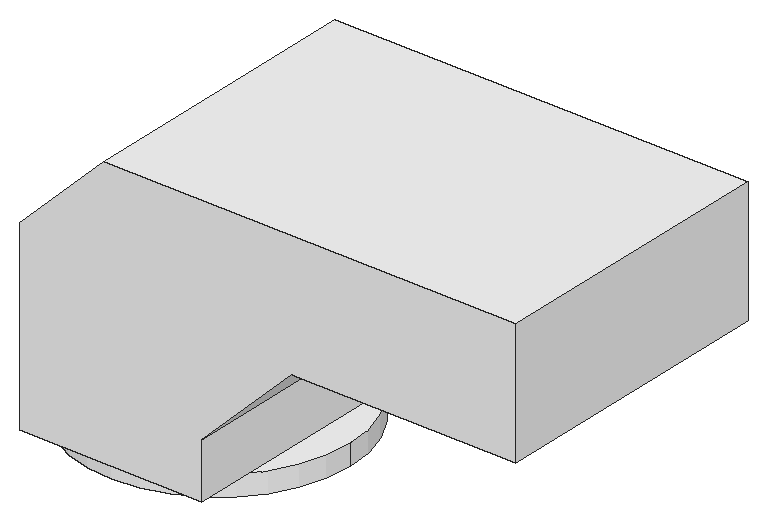
Revit family "Holocom-SMD Connector-2015", category Security Devices, host Face, Revit 2015
Parameters (values of type "SMD_Interface Sleeve 90")
  URL = "www.holocom.com"
  Product Page URL = "http://holocom.com/pdfs/Product%20files/Secure%20Mini%20Dukt/SMD-CT-INF-90.pdf"
  Product Notes = ""
  Material = Holocom_WhiteTextured
  Interface Sleeve = no
  3-Way Connector = no
  Offset = 0' - 1"
  Model = "SMD-CT-INF-90"
  Manufacturer = "Holocom"  # constant formula
  Interface Sleeve 90 = yes
  Default Elevation = 4' - 0"
  Corner Connecctor = no
  90 Deg Connector = no
Types (5): name | Product Page URL | Interface Sleeve | 3-Way Connector | Model | Interface Sleeve 90 | Corner Connecctor | 90 Deg Connector
  SMD_3-Way Connector | "http://holocom.com/pdfs/Product%20files/Secure%20Mini%20Dukt/SMD-MB-3WY.pdf" | no | yes | "SMD-MB-3WY" | no | no | no
  SMD_90 Deg Connector | "http://holocom.com/pdfs/Product%20files/Secure%20Mini%20Dukt/SMD-CT-090.pdf" | no | no | "SMD-CT-090" | no | no | yes
  SMD_Corner Connector | "http://holocom.com/pdfs/Product%20files/Secure%20Mini%20Dukt/SMD-CT-90C.pdf" | no | no | "SMD-CT-90C" | no | yes | no
  SMD_Interface Sleeve 90 | "http://holocom.com/pdfs/Product%20files/Secure%20Mini%20Dukt/SMD-CT-INF-90.pdf" | no | no | "SMD-CT-INF-90" | yes | no | no
  SMD_Interface Sleeve | "http://holocom.com/pdfs/Product%20files/Secure%20Mini%20Dukt/SMD-CT-INF.pdf" | yes | no | "SMD-CT-INF" | no | no | no
Reference planes (in)
  plane 1 "Center (Front/Back)": y = 0
  plane 2: z = 0
  plane 3 "Center (Left/Right)": x = 0
  plane 4: z = 1
Lines and regions (in)
  reference lines, visible <- "90 Deg Connector"
    curve 1: line (-4.125, -4.125, 0) -> (-4.125, 0.8, 0)
  reference lines, visible <- "3-Way Connector"
    curve 2: line (-4, -2.7, 0) -> (-4, 0.8, 0)
Dimensions and locks (in)
  "Offset": plane 4 to plane 2
  aligned and locked: plane 2 to host face
  aligned and locked: level to host face
  aligned and locked: plane 3 "Center (Left/Right)" to nested 3  (x2)
  aligned and locked: plane 3 "Center (Left/Right)" to nested 2  (x2)
  aligned and locked: plane 3 "Center (Left/Right)" to nested 5  (x2)
  aligned and locked: nested 4 to plane 3 "Center (Left/Right)"
  aligned and locked: plane 1 "Center (Front/Back)" to nested 4
  aligned and locked: plane 1 "Center (Front/Back)" to nested 2
  aligned and locked: plane 1 "Center (Front/Back)" to nested 3
  aligned and locked: plane 1 "Center (Front/Back)" to nested 1
  aligned and locked: nested 1 to nested 1
  aligned and locked: nested 2 to nested 2
  aligned and locked: nested 2 to nested 1
  aligned and locked: nested 5 to plane 1 "Center (Front/Back)"
Automatic sketch dimensions
  host sketch curve to host sketch curve = 8' - 0"  (x2)
  curve 1 to plane 1 "Center (Front/Back)" = 0' - 0.8"
  curve 1 to plane 3 "Center (Left/Right)" = 0' - 4 1/8"
  curve 1 to curve 2 = 0' - 0 1/8"
  curve 1 to curve 2 = 0' - 0"
  plane 1 "Center (Front/Back)" to curve 2 = 0' - 2.7"
  curve 1 to curve 2 = 0' - 1.425"
Nested families (in)
  nested 1: "SMD 3-Way Connector" at (-4.125, 0, 0), visible <- "3-Way Connector", type "SMD 3-Way Connector"
    with Width 0' - 8 1/4", MiniDukt - Width 0' - 1 3/4"
  nested 2: "SMD 90 Deg Connector" at (-4.125, 0, 0), visible <- "90 Deg Connector", type "SMD 90 Deg Connector"
  nested 3: "SMD Interface Sleeve 90" at (-2.5, 0, 0), visible <- "Interface Sleeve 90", type "SMD Interface Sleeve 90"
    with MiniDukt - Width 0' - 1 3/4"
  nested 4: "SMD Interface Sleeve" at (0, 0, 0) x (0, -1, 0) z (0, 0, 1), visible <- "Interface Sleeve", type "SMD Interface Sleeve"
  nested 5: "SMD Corner Connector" at (0, 0, 0) x (-1, 0, 0) z (0, 0, 1), visible <- "Corner Connecctor", type "SMD Corner Connector"
Definition of nested family "SMD 3-Way Connector"
  Parameters (values of type "SMD 3-Way Connector")
    Width = 0' - 8"
    Offset = 0' - 1"
    MiniDukt - Width = 0' - 1.6"
    Material = none
    Height = 0' - 3 1/2"
    Depth = 0' - 0 3/4"
    Default Elevation = 4' - 0"
  Reference planes (in)
    plane 1 "Center (Front/Back)": y = 0
    plane 2: z = 0
    plane 3 "Center (Left/Right)": x = 0
    plane 4: y = 0.8
    plane 5: y = -0.8
    plane 6: x = -0.8
    plane 7: x = 0.8
    plane 8: x = 4
    plane 9: x = -4
    plane 10: y = -2.7
    plane 11: z = 1
    plane 12: z = 1.75
  Forms (in)
    Extrusion 1, solid
      sketch origin (0, 0, 0) x (1, 0, 0) y (0, 1, 0)
        loop
          line (-48, 48) -> (-48, -48) -> (48, -48) -> (48, 48) -> (-48, 48)
      from 0 to -12
    Extrusion 2, solid, material <- "Material"
      sketch origin (0, 0, 0) x (1, 0, 0) y (0, 1, 0)
        loop
          line (-4, 0.8) -> (-4, -0.8) -> (4, -0.8) -> (4, 0.8) -> (-4, 0.8)
      from 1 to 1.75
    Extrusion 3, solid, material <- "Material"
      sketch origin (0, 0, 0) x (1, 0, 0) y (0, 1, 0)
        loop
          line (-0.8, -2.7) -> (0.8, -2.7) -> (0.8, -0.8) -> (-0.8, -0.8) -> (-0.8, -2.7)
      from 1 to 1.75
  Lines and regions (in)
    reference lines
      curve 1: line (-4, 0, 0) -> (4, 0, 0)
      curve 2: line (0, 0, 0) -> (0, -2.7, 0)
  Dimensions and locks (in)
    "MiniDukt - Width": plane 6 to plane 7
    "MiniDukt - Width": plane 4 to plane 5
    equal spacing: plane 4, plane 1 "Center (Front/Back)", plane 5
    equal spacing: plane 6, plane 3 "Center (Left/Right)", plane 7
    "Width": plane 9 to plane 8
    "Height": plane 4 to plane 10
    equal spacing: plane 9, plane 3 "Center (Left/Right)", plane 8
    "Depth": plane 12 to plane 11
    "Offset": plane 11 to plane 2
    aligned and locked: plane 2 to Extrusion 1
    aligned and locked: level to Extrusion 1
    aligned and locked: Extrusion 2 sketch curve to plane 4
    aligned and locked: plane 9 to Extrusion 2 sketch curve
    aligned and locked: plane 5 to Extrusion 2 sketch curve
    aligned and locked: Extrusion 2 sketch curve to plane 8
    aligned and locked: Extrusion 3 sketch curve to plane 10
    aligned and locked: Extrusion 3 sketch curve to plane 6
    aligned and locked: plane 5 to Extrusion 3 sketch curve
    aligned and locked: plane 7 to Extrusion 3 sketch curve
    aligned and locked: plane 12 to Extrusion 2
    aligned and locked: Extrusion 2 to plane 11
    aligned and locked: Extrusion 3 to plane 11
    aligned and locked: plane 12 to Extrusion 3
    aligned and locked: curve 2 to plane 3 "Center (Left/Right)"
    aligned and locked: plane 1 "Center (Front/Back)" to curve 1
  Automatic sketch dimensions
    Extrusion 1 sketch curve to Extrusion 1 sketch curve = 8' - 0"  (x2)
    curve 1 to plane 9 = 0' - 0"
    curve 1 to plane 8 = 0' - 0"
    curve 2 to plane 10 = 0' - 0"
Definition of nested family "SMD 90 Deg Connector"
  Parameters (values of type "SMD 90 Deg Connector")
    MiniDukt - Width = 0' - 1 3/4"
    Width = 0' - 5"
    Offset = 0' - 1"
    Material = none
    Depth = 0' - 0 3/4"
    Height = 0' - 5"
    Default Elevation = 4' - 0"
  Reference planes (in)
    plane 1 "Center (Front/Back)": y = 0
    plane 2: z = 0
    plane 3 "Center (Left/Right)": x = 0
    plane 4: y = 0.875
    plane 5: y = -0.875
    plane 6: x = -0.875
    plane 7: x = 0.875
    plane 8: x = 4.125
    plane 9: y = -4.125
    plane 10: z = 1
    plane 11: z = 1.75
  Forms (in)
    Extrusion 1, solid
      sketch origin (0, 0, 0) x (1, 0, 0) y (0, 1, 0)
        loop
          line (-48, 48) -> (-48, -48) -> (48, -48) -> (48, 48) -> (-48, 48)
      from 0 to -12
    Extrusion 2, solid, material <- "Material"
      sketch origin (0, 0, 0) x (1, 0, 0) y (0, 1, 0)
        loop
          line (-0.875, 0.875) -> (-0.875, -4.125) -> (0.875, -4.125) -> (0.875, -2.22336)
          arc (0.875, -2.22336) -> (1.37796, -1.45512) -> (2.08974, -0.875) r 3
          line (2.08974, -0.875) -> (4.125, -0.875) -> (4.125, 0.875) -> (-0.875, 0.875)
      from 1 to 1.75
  Lines and regions (in)
    reference lines
      curve 1: line (0, 0, 0) -> (4.125, 0, 0)
      curve 2: line (0, 0, 0) -> (0, -4.125, 0)
  Dimensions and locks (in)
    "MiniDukt - Width": plane 6 to plane 7
    "MiniDukt - Width": plane 4 to plane 5
    equal spacing: plane 4, plane 1 "Center (Front/Back)", plane 5
    equal spacing: plane 6, plane 3 "Center (Left/Right)", plane 7
    "Width": plane 6 to plane 8
    "Height": plane 4 to plane 9
    "Depth": plane 11 to plane 10
    "Offset": plane 10 to plane 2
    aligned and locked: plane 2 to Extrusion 1
    aligned and locked: level to Extrusion 1
    aligned and locked: Extrusion 2 sketch curve to plane 4
    aligned and locked: plane 5 to Extrusion 2 sketch curve
    aligned and locked: Extrusion 2 sketch curve to plane 8
    aligned and locked: plane 11 to Extrusion 2
    aligned and locked: Extrusion 2 to plane 10
    aligned and locked: curve 2 to plane 3 "Center (Left/Right)"
    aligned and locked: plane 1 "Center (Front/Back)" to curve 1
    aligned and locked: Extrusion 2 to plane 6
    aligned and locked: plane 6 to Extrusion 2 sketch curve
    aligned and locked: plane 9 to Extrusion 2 sketch curve
    aligned and locked: Extrusion 2 sketch curve to plane 7
  Automatic sketch dimensions
    Extrusion 1 sketch curve to Extrusion 1 sketch curve = 8' - 0"  (x2)
    curve 1 to plane 8 = 0' - 0"
    curve 2 to plane 9 = 0' - 0"
    plane 7 to Extrusion 2 sketch curve = 0' - 1.21474"
    Extrusion 2 sketch curve to plane 8 = 0' - 0.51815"
    plane 9 to Extrusion 2 sketch curve = 0' - 0.66188"
Definition of nested family "SMD Interface Sleeve 90"
  Parameters (values of type "SMD_Interface Sleeve")
    MiniDukt - Width = 0' - 1 77/128"
    Width = 0' - 2 1/2"
    Offset = 0' - 1"
    Material = none
    Depth = 0' - 0 3/4"
    Height = 0' - 5"
    Default Elevation = 4' - 0"
  Reference planes (in)
    plane 1 "Center (Front/Back)": y = 0
    plane 2: z = 0
    plane 3 "Center (Left/Right)": x = 0
    plane 4 "Top": y = 0.80078
    plane 5 "Bottom": y = -0.80078
    plane 6: x = 2.5
    plane 7: z = 1
    plane 8: z = 1.75
  Forms (in)
    Extrusion 1, solid
      sketch origin (0, 0, 0) x (1, 0, 0) y (0, 1, 0)
        loop
          line (-48, 48) -> (-48, -48) -> (48, -48) -> (48, 48) -> (-48, 48)
      from 0 to -12
    Extrusion 2, solid, material <- "Material"
      sketch origin (-2.36089, 0, 0) x (1, 0, 0) y (0, 1, 0)
        loop
          circle (2.36089, 0) r 0.80078
      from 0 to 0.125
    Extrusion 3, solid, material <- "Material"
      sketch origin (0, -0.80078, 0) x (-1, 0, 0) y (0, 0, 1)
        loop
          line (-2.5, 1) -> (-1.14613, 1) -> (-0.60705, 0.46093) -> (-0.60705, 0.125) -> (0.49451, 0.125) -> (0.49451, 1.24593) -> (-0.00956, 1.75) -> (-2.5, 1.75) -> (-2.5, 1)
      from 0 to 1.60156
  Lines and regions (in)
    reference lines
      curve 1: line (0, 0, 0) -> (2.5, 0, 0)
  Dimensions and locks (in)
    "MiniDukt - Width": plane 4 "Top" to plane 5 "Bottom"
    equal spacing: plane 4 "Top", plane 1 "Center (Front/Back)", plane 5 "Bottom"
    "Width": plane 3 "Center (Left/Right)" to plane 6
    "Depth": plane 8 to plane 7
    "Offset": plane 7 to plane 2
    angle plane 8 to Extrusion 3 sketch curve = 45.00°
    aligned and locked: plane 2 to Extrusion 1
    aligned and locked: level to Extrusion 1
    aligned and locked: plane 1 "Center (Front/Back)" to curve 1
    aligned and locked: Extrusion 3 sketch curve to plane 6
    aligned and locked: Extrusion 3 sketch curve to plane 8
    aligned and locked: plane 7 to Extrusion 3 sketch curve
    aligned and locked: plane 4 "Top" to Extrusion 3
    aligned and locked: Extrusion 3 to plane 5 "Bottom"
  Automatic sketch dimensions
    Extrusion 1 sketch curve to Extrusion 1 sketch curve = 8' - 0"  (x2)
    curve 1 to plane 6 = 0' - 0"
    curve 1 to plane 3 "Center (Left/Right)" = 0' - 0"
    plane 1 "Center (Front/Back)" to Extrusion 2 sketch curve = 0' - 0"
    Extrusion 2 sketch curve to plane 3 "Center (Left/Right)" = 0' - 0"
    plane 3 "Center (Left/Right)" to Extrusion 3 sketch curve = 0' - 1.14613"
    plane 3 "Center (Left/Right)" to Extrusion 3 sketch curve = 0' - 0.60705"
    plane 3 "Center (Left/Right)" to Extrusion 3 sketch curve = 0' - 0.00956"
    plane 7 to Extrusion 3 sketch curve = 0' - 0.24593"
    level to Extrusion 3 sketch curve = 0' - 0 59/128"
    level to Extrusion 3 sketch curve = 0' - 0 1/8"
    radius of Extrusion 2 sketch curve = 0' - 0 205/256"
Definition of nested family "SMD Interface Sleeve"
  Parameters (values of type "SMD Interface Sleeve")
    MiniDukt - Width = 0' - 1 3/4"
    Offset = 0' - 1"
    Material = none
    Depth = 0' - 0 3/4"
    Height = 0' - 2 1/4"
    Default Elevation = 4' - 0"
  Reference planes (in)
    plane 1 "Top": y = 0
    plane 2: z = 0
    plane 3 "Center (Left/Right)": x = 0
    plane 4: x = -0.875
    plane 5: x = 0.875
    plane 6 "Bottom": y = -2.25
    plane 7: z = 1
    plane 8: z = 1.75
    plane 9: z = 1.375
  Forms (in)
    Extrusion 1, solid
      sketch origin (0, 0, 0) x (1, 0, 0) y (0, 1, 0)
        loop
          line (-48, 48) -> (-48, -48) -> (48, -48) -> (48, 48) -> (-48, 48)
      from 0 to -12
    Extrusion 2, solid, material <- "Material"
      sketch origin (0, 0, 0) x (1, 0, 0) y (0, 1, 0)
        loop
          line (-0.875, 0) -> (-0.875, -2) -> (0.875, -2) -> (0.875, 0) -> (-0.875, 0)
      from 1 to 1.75
    Extrusion 3, solid, material <- "Material"
      sketch origin (0, -2.25, 0) x (-1, 0, 0) y (0, 0, 1)
        loop
          circle (0, 1.375) r 1
      from 0 to 0.25
  Lines and regions (in)
    reference lines
      curve 1: line (0, 0, 0) -> (0, -2.25, 0)
  Dimensions and locks (in)
    "MiniDukt - Width": plane 4 to plane 5
    equal spacing: plane 4, plane 3 "Center (Left/Right)", plane 5
    "Depth": plane 8 to plane 7
    "Offset": plane 7 to plane 2
    "Height": plane 6 "Bottom" to plane 1 "Top"
    equal spacing: plane 8, plane 9, plane 7
    aligned and locked: plane 2 to Extrusion 1
    aligned and locked: level to Extrusion 1
    aligned and locked: curve 1 to plane 3 "Center (Left/Right)"
    aligned and locked: plane 4 to Extrusion 2 sketch curve
    aligned and locked: Extrusion 2 sketch curve to plane 5
    aligned and locked: Extrusion 2 to Extrusion 3
    aligned and locked: Extrusion 2 to plane 1 "Top"
    aligned and locked: plane 5 to Extrusion 2
    aligned and locked: Extrusion 2 to plane 4
    aligned and locked: Extrusion 2 to plane 7
    aligned and locked: plane 8 to Extrusion 2
    aligned and locked: Extrusion 2 to curve 1
  Automatic sketch dimensions
    Extrusion 1 sketch curve to Extrusion 1 sketch curve = 8' - 0"  (x2)
    Extrusion 2 sketch curve to plane 1 "Top" = 0' - 0"
    curve 1 to plane 6 "Bottom" = 0' - 0"
    plane 1 "Top" to curve 1 = 0' - 0"
    Extrusion 3 sketch curve to plane 3 "Center (Left/Right)" = 0' - 0"
    plane 6 "Bottom" to Extrusion 2 sketch curve = 0' - 0 1/4"
    plane 7 to Extrusion 3 sketch curve = 0' - 0 3/8"
    radius of Extrusion 3 sketch curve = 0' - 1"
Definition of nested family "SMD Corner Connector"
  Parameters (values of type "SMD Corner Connector")
    Width = 0' - 8"
    Offset = 0' - 1"
    MiniDukt - Width = 0' - 1 3/4"
    Material = none
    Height = 0' - 3 1/2"
    Depth = 0' - 0 3/4"
    Default Elevation = 4' - 0"
  Reference planes (in)
    plane 1 "Center (Front/Back)": y = 0
    plane 2: z = 0
    plane 3 "Center (Left/Right)": x = 0
    plane 4 "Top": y = 0.875
    plane 5 "Bottom": y = -0.875
    plane 6: x = 5.89844
    plane 7: z = 1
    plane 8: z = 1.75
    plane 9: x = 5.14844
    plane 10: x = 6.89844
  Forms (in)
    Extrusion 1, solid
      sketch origin (0, 0, 0) x (1, 0, 0) y (0, 1, 0)
        loop
          line (-48, 48) -> (-48, -48) -> (48, -48) -> (48, 48) -> (-48, 48)
      from 0 to -12
    Sweep 2, solid, material <- "Material"
      path origin (0.8, -0.875, 0) x (-1, 0, 0) y (0, 0, 1)
        loop
          line (0.8, 1.75) -> (-1.2, 1.75)
          arc (-1.2, 1.75) -> (-3.42628, 2.67216) -> (-4.34844, 4.89844) r 3.14844
          line (-4.34844, 4.89844) -> (-4.34844, 6.89844)
      profile origin (1, -0.875, 1.75) x (0, 0, -1) y (0, 1, 0)
        loop
          line (0, 0) -> (0.75, 0) -> (0.75, 1.75) -> (0, 1.75) -> (0, 0)
  Dimensions and locks (in)
    "MiniDukt - Width": plane 4 "Top" to plane 5 "Bottom"
    "Depth": plane 8 to plane 7
    "Offset": plane 7 to plane 2
    "Depth": plane 6 to plane 9
    "Offset": plane 10 to plane 6
    equal spacing: plane 4 "Top", plane 1 "Center (Front/Back)", plane 5 "Bottom"
    aligned and locked: plane 2 to Extrusion 1
    aligned and locked: level to Extrusion 1
    aligned and locked: Sweep 2 sketch curve to profile plane
    aligned and locked: plane 7 to Sweep 2 sketch curve
    aligned and locked: Sweep 2 sketch curve to plane 4 "Top"
    aligned and locked: plane 3 "Center (Left/Right)" to Sweep 2
  Automatic sketch dimensions
    Extrusion 1 sketch curve to Extrusion 1 sketch curve = 8' - 0"  (x2)
    plane 9 to Sweep 2 sketch curve = 0' - 0"
    Sweep 2 sketch curve to plane 8 = 0' - 0"
    plane 3 "Center (Left/Right)" to Sweep 2 sketch curve = 0' - 2"
    Sweep 2 sketch curve to Sweep 2 sketch curve = 0' - 2"
    Sweep 2 sketch curve to plane 5 "Bottom" = 0' - 0"
    Sweep 2 sketch curve to plane 3 "Center (Left/Right)" = 0' - 0"
